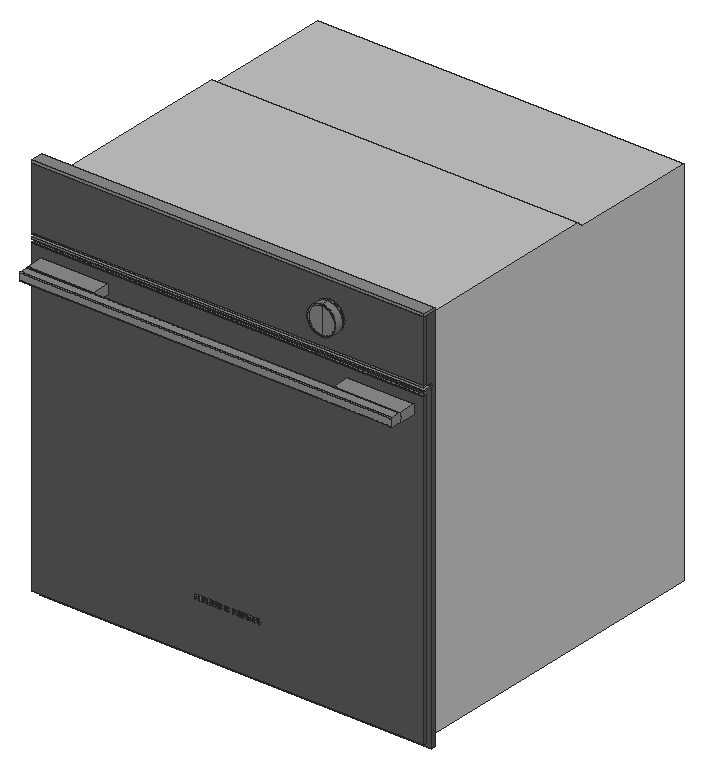
Revit family "FP-Revit19-en-OB60SMPTDB1-WallOven-0-90003131A-AU-NZ-CN-IE-UK-EU", category Specialty Equipment, Revit 2019
Family settings
  Round Connector Dimension = Use Diameter
  Part Type = Normal
  OmniClass Number = 23.40.40.14.17.11
  OmniClass Title = Cookers, Ovens, Stoves
  Work Plane-Based = No
  Always vertical = Yes
  Cut with Voids When Loaded = Yes
  Shared = No
  Room Calculation Point = No
Parameters (values of type "OB60SMPTDB1")
  Visibility - Clearance Required = yes
  URL = "www.fisherpaykel.com"
  Product - Height = 598 mm  # constant formula
  Product - Width = 596 mm  # constant formula
  Product - Depth (Exc. Handles) = 565 mm  # constant formula
  Opening - Height = 600 mm  # constant formula
  Model = "OB60SMPTDB1"
  Material - Trim = Fisher & Paykel - Aluminium, Dark
  Material - Structure = Fisher & Paykel - Black
  Material - Handle = Fisher & Paykel - Aluminium, Dark
  Material - Glass = Fisher & Paykel - Glass, Black
  Material - Dial = Fisher & Paykel - Aluminium, Dark, Matt
  Material - Body = Fisher & Paykel - Grey
  Manufacturer = "Fisher & Paykel Appliances"
  FFL Offset [instance] = 900 mm
  Description = "Oven, 60cm , 16 Function, Self - Cleaning"
  Connector Description - Electrical = "220-240V, 50Hz, 12.8 - 13.8A"
  Chassis - Width = 556 mm  # constant formula
  Chassis - Height = 575 mm  # constant formula
  Chassis - Depth = 545 mm  # constant formula
  Cavity - Width = 560 mm  # constant formula
  Cavity - Height = 580 mm  # constant formula
  Cavity - Depth = 550 mm  # constant formula
Reference planes
  plane 1 "Datum": y = 0
  plane 2: z = -2
  plane 3 "Center (Left/Right)": x = 0
  plane 4 "Product - LHS": x = -298
  plane 5 "Product - RHS": x = 298
  plane 6 "Cavity - RHS": x = 280
  plane 7 "FFL Offset": z = 898
  plane 8 "Chassis - Depth": y = 545
  plane 9 "Front Face": y = -20
  plane 10 "Chassis - Height": z = 1473
  plane 11 "Cavity - Height": z = 1478
  plane 12 "Opening - Height": z = 1498
  plane 13 "Cavity - LHS": x = -280
  plane 14 "Cavity - Depth": y = 550
  plane 15 "Product - Height": z = 1496
  plane 16 "Opening - RHS": x = 300
  plane 17 "Opening - LHS": x = -300
  plane 18 "Chassis - LHS": x = -278
  plane 19 "Chassis - RHS": x = 278
Forms (mm)
  Extrusion 1, solid, material "Fisher & Paykel - Grey" <- "Material - Body"
    sketch origin (0, 0, 0) x (0, 1, 0) y (0, 0, 1)
      loop
        line (0, 1473) -> (0, 898) -> (528, 898) -> (528, 1088) -> (545, 1108) -> (545, 1303) -> (498, 1358) -> (498, 1466) -> (305, 1466) -> (298, 1473) -> (0, 1473)
    from -278 to 278
  Extrusion 2, solid, material "Fisher & Paykel - Black" <- "Material - Structure", detail levels fine
    sketch origin (0, 0, 0) x (0, 1, 0) y (0, 0, 1)
      loop
        line (0, 1492.7) -> (-16, 1492.7) -> (-16, 1396) -> (-4, 1396) -> (-4, 898) -> (0, 898) -> (0, 1492.7)
    from -298 to 298
  Extrusion 3, solid, material "Fisher & Paykel - Glass, Black" <- "Material - Glass", detail levels fine
    sketch origin (0, 0, -3) x (0, 1, 0) y (0, 0, 1)
      loop
        line (-20, 1386.4) -> (-20, 912.5) -> (-16, 912.5) -> (-16, 1386.4) -> (-20, 1386.4)
      loop
        line (-20, 1400.8) -> (-16, 1400.8) -> (-16, 1495.7) -> (-20, 1495.7) -> (-20, 1400.8)
    from -298 to 298
  Extrusion 4, solid, material "Fisher & Paykel - Black" <- "Material - Structure", detail levels fine
    sketch origin (0, 0, -1.7) x (0, 1, 0) y (0, 0, 1)
      loop
        line (-16, 911.2) -> (-4, 911.2) -> (-4, 1382.064) -> (-13.99, 1385.7) -> (-16, 1385.7) -> (-16, 911.2)
    from -268 to 268
  Extrusion 5, solid, material "Fisher & Paykel - Clearance Required", visible <- "Visibility - Clearance Required", detail levels coarse
    sketch origin (0, 0, -2) x (1, 0, 0) y (0, 1, 0)
      loop
        line (-280, 0) -> (280, 0) -> (280, 550) -> (-280, 550) -> (-280, 0)
    from 900 to 1480
  Extrusion 6, void
    sketch origin (0, 0, 0) x (0, 1, 0) y (0, 0, 1)
      loop
        line (-20, 898) -> (0, 898) -> (0, 1498) -> (-20, 1498) -> (-20, 898)
    from -300 to 300
  Extrusion 7, solid, material "Fisher & Paykel - Grey" <- "Material - Body"
    sketch origin (0, 2, 0) x (0, 1, 0) y (0, 0, 1)
      loop
        line (496, 1433.999) -> (496, 1376) -> (517.999, 1376) -> (517.999, 1433.999) -> (496, 1433.999)
    from -221 to -128
  Extrusion 8, solid, material "Fisher & Paykel - Aluminium, Dark" <- "Material - Trim", detail levels fine
    sketch origin (0, 0, -1.199) x (0, 1, 0) y (0, 0, 1)
      loop
        line (-16, 1397.199) -> (-16, 1398.999) -> (-20, 1398.999) -> (-20, 1397.199) -> (-16, 1397.199)
      loop
        line (-16, 1384.599) -> (-16, 1386.199) -> (-20, 1386.199) -> (-20, 1384.599) -> (-16, 1384.599)
      loop
        line (-4, 1390.799) -> (-4, 1392.399) -> (-20, 1392.399) -> (-20, 1390.799) -> (-4, 1390.799)
      loop
        line (0, 1493.899) -> (0, 1497.199) -> (-20, 1497.199) -> (-20, 1493.899) -> (0, 1493.899)
    from -298 to 298
  Extrusion 9, void
    sketch origin (0, 0, -2) x (1, 0, 0) y (0, 1, 0)
      loop
        line (201.865, 545) -> (229, 498) -> (278, 498) -> (278, 545) -> (201.865, 545)
      loop
        line (-201.865, 545) -> (-278, 545) -> (-278, 498) -> (-229, 498) -> (-201.865, 545)
    from 900 to 1480
  Extrusion 10, solid, material "Fisher & Paykel - Grey" <- "Material - Body"
    sketch origin (0, 6.626, -14.403) x (0, 1, 0) y (0, 0, 1)
      loop
        circle (501.374, 1419.388) r 5
    from -271 to -221
  Extrusion 11, void
    sketch origin (0, 0, -2) x (1, 0, 0) y (0, 1, 0)
      loop
        line (-280, 0) -> (280, 0) -> (280, 550) -> (-280, 550) -> (-280, 0)
    from 900 to 1480
  Extrusion 12, solid, material "Fisher & Paykel - Glass, Black" <- "Material - Glass", detail levels coarse+medium
    sketch origin (0, 0, 0) x (0, 1, 0) y (0, 0, 1)
      loop
        line (0, 1496) -> (-20, 1496) -> (-20, 1396) -> (-4, 1396) -> (-4, 1391.2) -> (-4, 1380.364) -> (-13.99, 1384) -> (-16, 1384) -> (-16, 1385) -> (-20, 1385) -> (-20, 909.5) -> (-4, 909.5) -> (-4, 898) -> (0, 898) -> (0, 1496)
    from -298 to 298
  Extrusion 13, solid, material "Fisher & Paykel - Clearance Required", visible <- "Visibility - Clearance Required", detail levels coarse
    sketch origin (0, 0, 0) x (0, 1, 0) y (0, 0, 1)
      loop
        line (0, 898) -> (0, 1498) -> (-20, 1498) -> (-20, 1385)
        arc (-20, 1385) -> (-332.479, 1259.952) -> (-475.335, 955.203) r 458.415
        line (-475.335, 955.203) -> (-461.431, 954.484) -> (-463.168, 920.896) -> (-450.381, 920.235) -> (-448.645, 953.805) -> (-20, 931.639) -> (-20, 898) -> (0, 898)
    from -300 to 300
Cuts and joins
  Extrusion 9 cuts Extrusion 1
Text (mm)
  text "Due to ongoing product development, product details are subject to change without notice. \nPlease always refer to www.fisherpaykel.com for the most current product information. \n© Fisher & Paykel 2020" at (41.04, -613.295, 0), in view "Ref. Level (Plan)"
Dimensions and locks
  equal spacing: plane 4 "Product - LHS", plane 3 "Center (Left/Right)", plane 5 "Product - RHS"
  "Product - Width": plane 4 "Product - LHS" to plane 5 "Product - RHS"
  "FFL Offset": plane 7 "FFL Offset" to level
  locked: plane 9 "Front Face" to plane 1 "Datum" at 20
  "Cavity - Height": plane 11 "Cavity - Height" to plane 7 "FFL Offset"
  "Chassis - Height": plane 10 "Chassis - Height" to plane 7 "FFL Offset"
  "Cavity - Depth": plane 1 "Datum" to plane 14 "Cavity - Depth"
  "Cavity - Width": plane 13 "Cavity - LHS" to plane 6 "Cavity - RHS"
  Extrusion 6 to Extrusion 3 = 11.5 mm
  "Chassis - Depth": plane 1 "Datum" to plane 8 "Chassis - Depth"
  equal spacing: plane 13 "Cavity - LHS", plane 3 "Center (Left/Right)", plane 6 "Cavity - RHS"
  "Opening - Height": plane 7 "FFL Offset" to plane 12 "Opening - Height"
  "Product - Height": plane 7 "FFL Offset" to plane 15 "Product - Height"
  equal spacing: cut or joined group of Extrusion 1, Extrusion 9, plane 3 "Center (Left/Right)", cut or joined group of Extrusion 1, Extrusion 9
  "Chassis - Width": cut or joined group of Extrusion 1, Extrusion 9 to cut or joined group of Extrusion 1, Extrusion 9
  locked: plane 15 "Product - Height" to nested 2 at 506.195
  plane 8 "Chassis - Depth" to plane 9 "Front Face" = 565 mm
  locked: nested 1 to plane 15 "Product - Height" at 52.1
  locked: nested 3 to plane 15 "Product - Height" at 135
  aligned and locked: level to plane 2
  aligned and locked: plane 4 "Product - LHS" to Extrusion 3
  aligned and locked: Extrusion 3 to plane 5 "Product - RHS"
  aligned and locked: plane 4 "Product - LHS" to Extrusion 2
  aligned and locked: Extrusion 2 to plane 5 "Product - RHS"
  aligned and locked: Extrusion 1 to plane 7 "FFL Offset"
  aligned and locked: Extrusion 8 to plane 5 "Product - RHS"
  aligned and locked: Extrusion 8 to Extrusion 3
  aligned and locked: Extrusion 6 to Extrusion 3
  aligned and locked: Extrusion 3 to Extrusion 8
  aligned and locked: Extrusion 4 to Extrusion 3
  aligned and locked: Extrusion 4 to Extrusion 2
  aligned and locked: Extrusion 8 to plane 1 "Datum"
  aligned and locked: plane 9 "Front Face" to Extrusion 6
  aligned and locked: Extrusion 5 to plane 6 "Cavity - RHS"
  aligned and locked: Extrusion 10 to Extrusion 7
  aligned and locked: plane 11 "Cavity - Height" to Extrusion 5
  aligned and locked: Extrusion 6 to plane 12 "Opening - Height"
  aligned and locked: Extrusion 6 to Extrusion 2
  aligned and locked: Extrusion 8 to plane 15 "Product - Height"
  aligned and locked: Extrusion 8 to Extrusion 2
  aligned and locked: Extrusion 9 to Extrusion 1
  aligned and locked: Extrusion 5 to Extrusion 2
  aligned and locked: Extrusion 5 to Extrusion 9
  aligned and locked: Extrusion 5 to plane 7 "FFL Offset"
  aligned and locked: Extrusion 1 to Extrusion 9
  aligned and locked: Extrusion 12 sketch curve to plane 15 "Product - Height"
  aligned and locked: plane 11 "Cavity - Height" to Extrusion 11
  aligned and locked: Extrusion 2 to Extrusion 11
  aligned and locked: Extrusion 12 sketch curve to Extrusion 4
  aligned and locked: Extrusion 13 to Extrusion 6  (x2)
Automatic sketch dimensions
  Extrusion 1 sketch curve to plane 1 "Datum" = 0 mm
  Extrusion 1 sketch curve to plane 10 "Chassis - Height" = 0 mm
  Extrusion 1 sketch curve to plane 7 "FFL Offset" = 0 mm
  Extrusion 1 sketch curve to plane 8 "Chassis - Depth" = 0 mm
  Extrusion 1 sketch curve to Extrusion 1 sketch curve = 7 mm
  Extrusion 1 sketch curve to plane 10 "Chassis - Height" = 7 mm
  Extrusion 1 sketch curve to Extrusion 1 sketch curve = 20 mm
  Extrusion 2 sketch curve to plane 7 "FFL Offset" = 0 mm
  Extrusion 2 sketch curve to plane 1 "Datum" = 0 mm
  plane 1 "Datum" to Extrusion 2 sketch curve = 4 mm
  Extrusion 2 sketch curve to plane 9 "Front Face" = 4 mm
  plane 15 "Product - Height" to Extrusion 2 sketch curve = 3.3 mm
  Extrusion 3 sketch curve to plane 9 "Front Face" = 0 mm  (x2)
  Extrusion 3 sketch curve to Extrusion 3 sketch curve = 4 mm  (x2)
  plane 7 "FFL Offset" to Extrusion 3 sketch curve = 11.5 mm
  Extrusion 3 sketch curve to Extrusion 3 sketch curve = 14.4 mm
  plane 15 "Product - Height" to Extrusion 3 sketch curve = 3.3 mm
  Extrusion 4 sketch curve to plane 9 "Front Face" = 4 mm
  Extrusion 4 sketch curve to Extrusion 4 sketch curve = 2.01 mm
  plane 1 "Datum" to Extrusion 4 sketch curve = 4 mm
  plane 7 "FFL Offset" to Extrusion 4 sketch curve = 11.5 mm
  Extrusion 4 sketch curve to Extrusion 4 sketch curve = 3.636 mm
  Extrusion 5 sketch curve to plane 13 "Cavity - LHS" = 0 mm
  Extrusion 5 sketch curve to plane 6 "Cavity - RHS" = 0 mm
  plane 1 "Datum" to Extrusion 5 sketch curve = 0 mm
  Extrusion 5 sketch curve to plane 14 "Cavity - Depth" = 0 mm
  Extrusion 6 sketch curve to plane 9 "Front Face" = 0 mm
  Extrusion 6 sketch curve to plane 1 "Datum" = 0 mm
  Extrusion 6 sketch curve to plane 7 "FFL Offset" = 0 mm
  plane 12 "Opening - Height" to Extrusion 6 sketch curve = 0 mm
  Extrusion 7 sketch curve to Extrusion 7 sketch curve = 21.999 mm
  Extrusion 8 sketch curve to plane 9 "Front Face" = 0 mm  (x4)
  Extrusion 8 sketch curve to plane 1 "Datum" = 0 mm
  plane 15 "Product - Height" to Extrusion 8 sketch curve = 0 mm
  Extrusion 8 sketch curve to Extrusion 8 sketch curve = 4 mm  (x2)
  plane 1 "Datum" to Extrusion 8 sketch curve = 4 mm
  plane 15 "Product - Height" to Extrusion 8 sketch curve = 3.3 mm
  Extrusion 8 sketch curve to Extrusion 8 sketch curve = 1.8 mm
  Extrusion 8 sketch curve to Extrusion 8 sketch curve = 4.8 mm
  Extrusion 8 sketch curve to Extrusion 8 sketch curve = 1.6 mm  (x2)
  Extrusion 8 sketch curve to Extrusion 8 sketch curve = 4.6 mm
  Extrusion 9 sketch curve to plane 8 "Chassis - Depth" = 0 mm  (x2)
  Extrusion 9 sketch curve to plane 13 "Cavity - LHS" = 2 mm
  Extrusion 9 sketch curve to Extrusion 9 sketch curve = 49 mm
  Extrusion 9 sketch curve to Extrusion 9 sketch curve = 27.135 mm
  plane 6 "Cavity - RHS" to Extrusion 9 sketch curve = 78.135 mm
  plane 6 "Cavity - RHS" to Extrusion 9 sketch curve = 51 mm
  plane 6 "Cavity - RHS" to Extrusion 9 sketch curve = 2 mm
  Extrusion 11 sketch curve to plane 13 "Cavity - LHS" = 0 mm
  Extrusion 11 sketch curve to plane 6 "Cavity - RHS" = 0 mm
  plane 1 "Datum" to Extrusion 11 sketch curve = 0 mm
  Extrusion 11 sketch curve to plane 14 "Cavity - Depth" = 0 mm
  Extrusion 7 sketch curve to plane 10 "Chassis - Height" = 39.001 mm
  Extrusion 1 sketch curve to Extrusion 1 sketch curve = 163 mm
  Extrusion 1 sketch curve to Extrusion 1 sketch curve = 55 mm
  Extrusion 2 sketch curve to plane 10 "Chassis - Height" = 77 mm
  Extrusion 3 sketch curve to plane 10 "Chassis - Height" = 89.6 mm
  Extrusion 4 sketch curve to plane 10 "Chassis - Height" = 92.636 mm
  Extrusion 7 sketch curve to Extrusion 7 sketch curve = 57.999 mm
  Extrusion 8 sketch curve to plane 10 "Chassis - Height" = 75.2 mm
  Extrusion 10 sketch curve to plane 10 "Chassis - Height" = 68.015 mm
  Extrusion 12 sketch curve to plane 9 "Front Face" = 0 mm  (x2)
  Extrusion 12 sketch curve to plane 7 "FFL Offset" = 0 mm
  Extrusion 12 sketch curve to plane 1 "Datum" = 0 mm
  Extrusion 12 sketch curve to Extrusion 12 sketch curve = 4 mm
  Extrusion 12 sketch curve to Extrusion 12 sketch curve = 2.01 mm
  plane 1 "Datum" to Extrusion 12 sketch curve = 4 mm  (x2)
  Extrusion 12 sketch curve to plane 10 "Chassis - Height" = 92.636 mm
  Extrusion 12 sketch curve to Extrusion 12 sketch curve = 3.636 mm
  Extrusion 12 sketch curve to Extrusion 12 sketch curve = 1 mm
  Extrusion 12 sketch curve to Extrusion 12 sketch curve = 10.836 mm
  Extrusion 12 sketch curve to Extrusion 12 sketch curve = 11 mm
  Extrusion 1 sketch curve to Extrusion 1 sketch curve = 190 mm
  Extrusion 13 sketch curve to plane 9 "Front Face" = 0 mm  (x2)
  Extrusion 13 sketch curve to plane 7 "FFL Offset" = 0 mm
  Extrusion 13 sketch curve to plane 1 "Datum" = 0 mm
  plane 12 "Opening - Height" to Extrusion 13 sketch curve = 0 mm
  plane 7 "FFL Offset" to Extrusion 13 sketch curve = 55.805 mm
  plane 9 "Front Face" to Extrusion 13 sketch curve = 428.645 mm
  plane 7 "FFL Offset" to Extrusion 13 sketch curve = 22.235 mm
  Extrusion 13 sketch curve to Extrusion 13 sketch curve = 1.736 mm
  plane 7 "FFL Offset" to Extrusion 13 sketch curve = 56.484 mm
  Extrusion 13 sketch curve to Extrusion 13 sketch curve = 12.786 mm
  Extrusion 13 sketch curve to plane 9 "Front Face" = 2.186 mm
  Extrusion 13 sketch curve to Extrusion 13 sketch curve = 5.049 mm
  plane 7 "FFL Offset" to Extrusion 13 sketch curve = 57.203 mm
  Extrusion 1 sketch curve to plane 8 "Chassis - Depth" = 247 mm
  Extrusion 1 sketch curve to plane 8 "Chassis - Depth" = 47 mm
  Extrusion 1 sketch curve to plane 8 "Chassis - Depth" = 17 mm
  Extrusion 7 sketch curve to plane 8 "Chassis - Depth" = 47 mm
  Extrusion 9 sketch curve to plane 8 "Chassis - Depth" = 47 mm  (x2)
  Extrusion 10 sketch curve to plane 8 "Chassis - Depth" = 37 mm
  radius of Extrusion 10 sketch curve = 5 mm
Nested families
  nested 1: "F&P Dial Minimal Oven" at (155.3, -20, 1444), type "F&P Dial Minimal Oven"
  nested 2: "F&P Logo 100mm" at (0.044, -20, 987), type "Grey"
  nested 3: "F&P Handle Contemporary Square Fine OB60-24" at (0, -20, 1361.022), type "Aluminium Black"
Connectors
  electrical at (-271, 508, 1404.985), driven by "Connector Description - Electrical"
    settings: on Extrusion 10, index 1, voltage 230 V, apparent load 0 VA, apparent load phase1 0 VA, apparent load phase2 0 VA, apparent load phase3 0 VA, power factor 1, load classification "Other", number of poles 1, system type 30, power factor state 1, is connector primary yes, connector utility yes, sub classification motor no, connector description "220-240V, 50Hz, 12.8 - 13.8A"
Definition of nested family "F&P Dial Minimal Oven"
  Parameters (values of type "F&P Dial Minimal Oven")
    URL = "www.fisherpaykel.com"
    Material - Buttons and Dials = none
    Manufacturer = "Fisher & Paykel Appliances"
  Reference planes
    plane 1 "Center (Front/Back)": y = 0
    plane 2: z = 0
    plane 3 "Center (Left/Right)": x = 0
    plane 4: x = 0
    plane 5 "Dial": z = 0
  Forms (mm)
    Revolve 1, solid, material <- "Material - Buttons and Dials", detail levels fine
      sketch origin (0, 0, 0) x (0, 1, 0) y (0, 0, 1)
        loop
          line (-15.2, 0) -> (0, 0) -> (0, 22) -> (-0.8, 22) -> (-0.8, 18.5) -> (-4.2, 18.5) -> (-4.2, 20.136) -> (-4.7, 22) -> (-15.8, 22) -> (-15.8, 21.2) -> (-15.301, 20) -> (-15.301, 0)
        axis (-15.8, 0) -> (0, 0)
      angle from 0 to 360
    Revolve 2, solid, material <- "Material - Buttons and Dials", detail levels coarse+medium
      sketch origin (0, 0, 0) x (0, 1, 0) y (0, 0, 1)
        loop
          line (0, 18.5) -> (-4.2, 18.5) -> (-4.2, 22) -> (-15.8, 22) -> (-15.8, 0) -> (0, 0) -> (0, 18.5)
        axis (-15.8, 0) -> (0, 0)
      angle from 0 to 360
  Dimensions and locks
    aligned and locked: level to plane 2
Definition of nested family "F&P Logo 100mm"
  Parameters (values of type "Grey")
    URL = "www.fisherpaykel.com"
    Material - Logo = none
    Manufacturer = "Fisher & Paykel Appliances"
  Reference planes
    plane 1 "Center (Front/Back)": y = 0
    plane 2: z = 0
    plane 3 "Center (Left/Right)": x = 0
    plane 4 "Logo": z = 2.805
  Forms (mm)
    Extrusion 1, solid, material <- "Material - Logo", detail levels fine
      sketch origin (0, 0, 0) x (1, 0, 0) y (0, 0, 1)
        loop
          line (-50.044, 0) -> (-48.47, 0) -> (-48.47, 2.138) -> (-46.011, 2.138) -> (-46.011, 3.472) -> (-48.47, 3.472) -> (-48.47, 4.712) -> (-45.795, 4.712) -> (-45.795, 6.04) -> (-50.044, 6.04) -> (-50.044, 0)
        loop
          line (-42.804, 6.04) -> (-42.804, 0) -> (-41.23, 0) -> (-41.23, 6.04) -> (-42.804, 6.04)
        loop
          line (-30.724, 6.04) -> (-30.724, 0) -> (-29.151, 0) -> (-29.151, 2.42) -> (-26.839, 2.42) -> (-26.839, 0) -> (-25.265, 0) -> (-25.265, 6.04) -> (-26.839, 6.04) -> (-26.839, 3.748) -> (-29.151, 3.748) -> (-29.151, 6.04) -> (-30.724, 6.04)
        loop
          line (-21.906, 6.04) -> (-21.906, 0) -> (-17.602, 0) -> (-17.602, 1.328) -> (-20.347, 1.328) -> (-20.347, 2.42) -> (-17.838, 2.42) -> (-17.838, 3.748) -> (-20.347, 3.748) -> (-20.347, 4.712) -> (-17.602, 4.712) -> (-17.602, 6.04) -> (-21.906, 6.04)
        loop
          line (45.667, 6.04) -> (45.667, 0) -> (49.956, 0) -> (49.956, 1.328) -> (47.241, 1.328) -> (47.241, 6.04) -> (45.667, 6.04)
        loop
          line (42.431, 6.04) -> (38.112, 6.04) -> (38.112, 0) -> (42.431, 0) -> (42.431, 1.328) -> (39.687, 1.328) -> (39.687, 2.42) -> (42.195, 2.42) -> (42.195, 3.748) -> (39.687, 3.748) -> (39.687, 4.712) -> (42.431, 4.712) -> (42.431, 6.04)
        loop
          line (33.443, 3.137) -> (35.683, 6.04) -> (33.844, 6.04) -> (31.915, 3.542) -> (31.915, 6.04) -> (30.342, 6.04) -> (30.342, 0) -> (31.915, 0) -> (31.915, 2.705) -> (33.903, 0) -> (35.747, 0) -> (33.443, 3.137)
        loop
          line (21.98, 6.04) -> (24.262, 2.42) -> (24.262, 0) -> (25.837, 0) -> (25.837, 2.341) -> (28.119, 6.04) -> (26.446, 6.04) -> (25.099, 3.707) -> (23.753, 6.04) -> (21.98, 6.04)
        loop
          line (18.479, 6.04) -> (16.983, 6.04) -> (14.524, 0) -> (16.069, 0) -> (16.501, 1.112) -> (18.786, 1.112) -> (19.219, 0) -> (20.938, 0) -> (18.479, 6.04)
        loop
          line (18.4, 2.439) -> (17.693, 4.174) -> (17.018, 2.439) -> (18.4, 2.439)
        loop
          line (8.031, 6.04) -> (8.031, 0) -> (9.605, 0) -> (9.605, 1.938) -> (10.599, 1.938)
          arc (10.599, 1.938) -> (12.65, 3.989) -> (10.599, 6.04) r 2.051
          line (10.599, 6.04) -> (8.031, 6.04)
        loop
          line (9.605, 4.712) -> (9.605, 3.197) -> (10.501, 3.197)
          arc (10.501, 3.197) -> (11.259, 3.954) -> (10.501, 4.712) r 0.757
          line (10.501, 4.712) -> (9.605, 4.712)
        loop
          line (-11.783, 6.04) -> (-14.366, 6.04) -> (-14.366, 0) -> (-12.792, 0) -> (-12.792, 1.336) -> (-11.992, 1.336) -> (-10.972, 0) -> (-9.153, 0) -> (-10.694, 1.973)
          arc (-10.694, 1.973) -> (-9.678, 4.424) -> (-11.783, 6.04) r 2.179
        loop
          line (-11.897, 4.712) -> (-12.792, 4.712) -> (-12.792, 3.053) -> (-11.897, 3.053)
          arc (-11.897, 3.053) -> (-11.068, 3.882) -> (-11.897, 4.712) r 0.83
        loop
          line (0.477, 4.712) -> (0.477, 6.153) -> (-3.575, 6.153) -> (-3.575, 4.851) -> (-2.974, 4.112)
          arc (-2.974, 4.112) -> (-3.51, 0.684) -> (-0.045, 0.512) r 2.334
          line (-0.045, 0.512) -> (0.46, -0.109) -> (2.246, -0.109) -> (0.86, 1.594) -> (2.061, 3.324) -> (0.443, 3.324) -> (-0.013, 2.667) -> (-1.677, 4.712) -> (0.477, 4.712)
        loop
          arc (-2.125, 3.068) -> (-2.269, 1.668) -> (-0.868, 1.524) r 0.996
          line (-0.868, 1.524) -> (-2.125, 3.068)
        loop
          line (-35.18, 3.634) -> (-36.516, 3.91)
          arc (-36.516, 3.91) -> (-37.049, 4.443) -> (-36.516, 4.976) r 0.533
          arc (-36.516, 4.976) -> (-35.235, 4.79) -> (-34.059, 4.248) r 4.505
          line (-34.059, 4.248) -> (-34.059, 5.743)
          arc (-34.059, 5.743) -> (-35.549, 6.179) -> (-37.1, 6.109) r 4.726
          arc (-37.1, 6.109) -> (-38.536, 4.335) -> (-37.1, 2.561) r 1.814
          line (-37.1, 2.561) -> (-35.754, 2.282)
          arc (-35.754, 2.282) -> (-35.221, 1.749) -> (-35.754, 1.216) r 0.533
          arc (-35.754, 1.216) -> (-37.035, 1.402) -> (-38.211, 1.945) r 4.505
          line (-38.211, 1.945) -> (-38.211, 0.449)
          arc (-38.211, 0.449) -> (-36.72, 0.013) -> (-35.169, 0.083) r 4.726
          arc (-35.169, 0.083) -> (-33.734, 1.863) -> (-35.18, 3.634) r 1.814
      from 0 to 0.8
  Dimensions and locks
    aligned and locked: level to plane 2
Definition of nested family "F&P Handle Contemporary Square Fine OB60-24"
  Parameters (values of type "Aluminium Black")
    URL = "www.fisherpaykel.com"
    Material - Handle = none
    Manufacturer = "Fisher & Paykel Appliances"
    Handle - Length = 565 mm
  Reference planes
    plane 1 "Center (Front/Back)": y = 0
    plane 2: z = 0
    plane 3 "Center (Left/Right)": x = 0
    plane 4 "Product LHS": x = -282.5
    plane 5 "Product RHS": x = 282.5
    plane 6 "LHS Standoff": x = -182.495
    plane 7 "RHS Standoff": x = 182.505
    plane 8 "Handle centre": z = -0.022
    plane 9: z = -0.022
  Forms (mm)
    Extrusion 1, solid, material <- "Material - Handle", detail levels fine
      sketch origin (0, 0, 0) x (0, 1, 0) y (0, 0, 1)
        loop
          arc (-26.813, 6.16) -> (-27.196, 6.554) -> (-27.728, 6.686) r 1
          line (-27.728, 6.686) -> (-40.035, 6.256)
          arc (-40.035, 6.256) -> (-40.719, 5.951) -> (-41, 5.257) r 1
          line (-41, 5.257) -> (-41, -5.257)
          arc (-41, -5.257) -> (-40.719, -5.951) -> (-40.035, -6.256) r 1
          line (-40.035, -6.256) -> (-27.709, -6.686)
          arc (-27.709, -6.686) -> (-27.175, -6.554) -> (-26.792, -6.158) r 1
          arc (-26.792, -6.158) -> (-25.256, 0.004) -> (-26.813, 6.16) r 13.038
      from -282.5 to 282.5
    Extrusion 2, solid, material <- "Material - Handle", detail levels fine
      sketch origin (0, 0, 0) x (0, 1, 0) y (0, 0, 1)
        loop
          arc (-26.626, -6.008) -> (-26.614, -6.49) -> (-26.2, -6.737) r 0.5
          line (-26.2, -6.737) -> (0, -7.696) -> (0, 7.704) -> (-26.174, 6.747)
          arc (-26.174, 6.747) -> (-26.587, 6.5) -> (-26.6, 6.019) r 0.5
          arc (-26.6, 6.019) -> (-25.156, 0.002) -> (-26.626, -6.008) r 13.136
      from 182.505 to 282.5
    Extrusion 3, solid, material <- "Material - Handle", detail levels coarse+medium
      sketch origin (0, 0, 0) x (1, 0, 0) y (0, 1, 0)
        loop
          line (-282.5, -42) -> (282.5, -42) -> (282.5, 0) -> (182.505, 0) -> (182.505, -26.156) -> (-182.495, -26.156) -> (-182.495, 0) -> (-282.5, 0) -> (-282.5, -42)
      from -8.022 to 7.978
    Extrusion 4, solid, material <- "Material - Handle", detail levels fine
      sketch origin (0, 0, 0) x (0, 1, 0) y (0, 0, 1)
        loop
          arc (-26.626, -6.008) -> (-26.614, -6.49) -> (-26.2, -6.737) r 0.5
          line (-26.2, -6.737) -> (0, -7.696) -> (0, 7.704) -> (-26.174, 6.747)
          arc (-26.174, 6.747) -> (-26.587, 6.5) -> (-26.6, 6.019) r 0.5
          arc (-26.6, 6.019) -> (-25.156, 0.002) -> (-26.626, -6.008) r 13.136
      from -282.5 to -182.495
  Dimensions and locks
    equal spacing: plane 4 "Product LHS", plane 3 "Center (Left/Right)", plane 5 "Product RHS"
    "Handle - Length": plane 4 "Product LHS" to plane 5 "Product RHS"
    locked: plane 4 "Product LHS" to plane 6 "LHS Standoff" at 100.005
    locked: plane 7 "RHS Standoff" to plane 5 "Product RHS" at 99.995
    aligned and locked: level to plane 2
    aligned and locked: Extrusion 1 to plane 5 "Product RHS"
    aligned and locked: plane 4 "Product LHS" to Extrusion 1
    aligned and locked: Extrusion 2 to plane 5 "Product RHS"
    aligned and locked: plane 4 "Product LHS" to Extrusion 3 sketch curve
    aligned and locked: Extrusion 3 sketch curve to plane 5 "Product RHS"
    aligned and locked: Extrusion 3 sketch curve to plane 7 "RHS Standoff"
    aligned and locked: plane 6 "LHS Standoff" to Extrusion 3 sketch curve
    aligned and locked: plane 4 "Product LHS" to Extrusion 4
    aligned and locked: plane 6 "LHS Standoff" to Extrusion 4
    aligned and locked: Extrusion 2 to plane 7 "RHS Standoff"
  Automatic sketch dimensions
    Extrusion 1 sketch curve to level = 5.257 mm
    plane 1 "Center (Front/Back)" to Extrusion 1 sketch curve = 41 mm
    level to Extrusion 1 sketch curve = 6.256 mm
    Extrusion 1 sketch curve to Extrusion 1 sketch curve = 0.965 mm  (x2)
    Extrusion 1 sketch curve to level = 6.256 mm
    Extrusion 1 sketch curve to Extrusion 1 sketch curve = 0.035 mm  (x3)
    Extrusion 1 sketch curve to level = 0.018 mm
    Extrusion 1 sketch curve to Extrusion 1 sketch curve = 1.706 mm
    level to Extrusion 1 sketch curve = 6.686 mm
    Extrusion 1 sketch curve to Extrusion 1 sketch curve = 12.307 mm
    Extrusion 1 sketch curve to level = 6.686 mm
    Extrusion 1 sketch curve to Extrusion 1 sketch curve = 12.326 mm
    Extrusion 1 sketch curve to Extrusion 1 sketch curve = 0.999 mm  (x2)
    Extrusion 1 sketch curve to Extrusion 1 sketch curve = 0 mm
    Extrusion 2 sketch curve to plane 1 "Center (Front/Back)" = 0 mm
    level to Extrusion 2 sketch curve = 6.247 mm
    plane 1 "Center (Front/Back)" to Extrusion 2 sketch curve = 26.155 mm
    level to Extrusion 2 sketch curve = 6.747 mm
    Extrusion 2 sketch curve to Extrusion 2 sketch curve = 0.018 mm  (x2)
    Extrusion 2 sketch curve to level = 6.238 mm
    Extrusion 2 sketch curve to Extrusion 2 sketch curve = 0.026 mm
    Extrusion 2 sketch curve to level = 6.737 mm
    level to Extrusion 2 sketch curve = 0.03 mm
    Extrusion 2 sketch curve to Extrusion 2 sketch curve = 12.11 mm
    Extrusion 2 sketch curve to level = 7.696 mm
    level to Extrusion 2 sketch curve = 7.704 mm
    Extrusion 2 sketch curve to Extrusion 2 sketch curve = 0 mm
    plane 1 "Center (Front/Back)" to Extrusion 3 sketch curve = 42 mm
    Extrusion 3 sketch curve to Extrusion 3 sketch curve = 15.844 mm
    Extrusion 3 sketch curve to Extrusion 3 sketch curve = 26.156 mm  (x2)
    level to Extrusion 4 sketch curve = 0.03 mm
    plane 1 "Center (Front/Back)" to Extrusion 4 sketch curve = 38.291 mm
    Extrusion 4 sketch curve to level = 6.737 mm
    Extrusion 4 sketch curve to Extrusion 4 sketch curve = 12.091 mm
    Extrusion 4 sketch curve to Extrusion 4 sketch curve = 0.018 mm  (x2)
    level to Extrusion 4 sketch curve = 6.747 mm
    Extrusion 4 sketch curve to Extrusion 4 sketch curve = 0.008 mm
    level to Extrusion 4 sketch curve = 7.704 mm
    Extrusion 4 sketch curve to Extrusion 4 sketch curve = 26.174 mm
    Extrusion 4 sketch curve to level = 7.696 mm
    Extrusion 4 sketch curve to Extrusion 4 sketch curve = 0.5 mm  (x2)
    Extrusion 4 sketch curve to Extrusion 4 sketch curve = 0 mm
